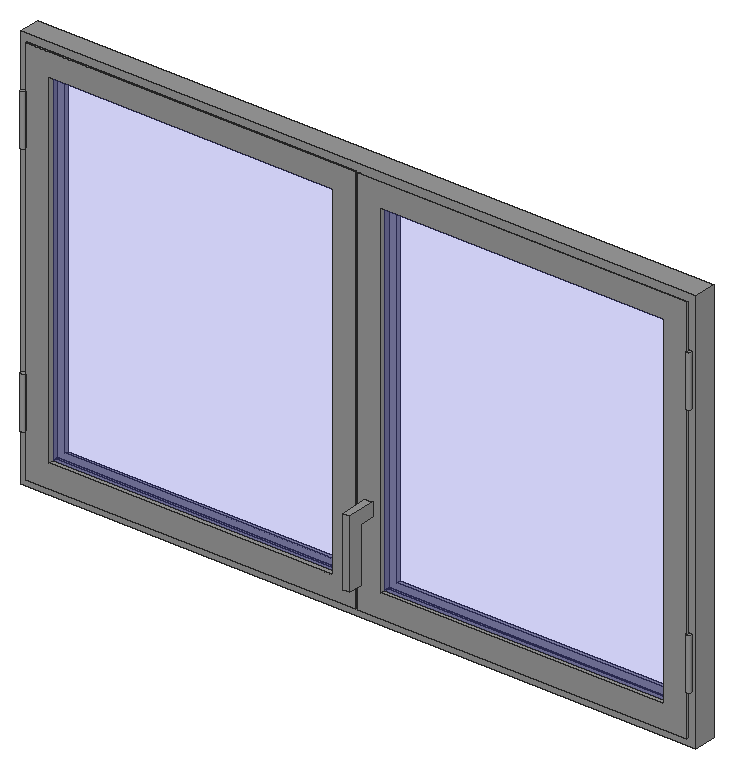
Revit family "2015_Ventana_Alugom_ALG 65 Optima_2-Hojas_Practicables", category Windows, host Wall, Revit 2015
Parameters (values of type "2000 mm x 1200 mm")
  𝑙𝑔 P2 = (Height / 1 mm - (AnchoMarco / 1 mm * 2)) * 2  # 2043.6
  𝑙𝑔 P1 = ((Height / 1 mm - (AnchoMarco / 1 mm * 2)) + (Width / 1 mm - (AnchoMarco / 1 mm * 2 + AnchoMarcoCentral / 1 mm))) * 2  # 5403.2
  𝑈𝑤 = a / Area * 1.00 mm²  # 1.5877
  𝑈𝑔 V2 = 1
  𝑈𝑔 V1 = 1
  𝑈𝑓 P2 = 3.039
  𝑈𝑓 P1 = 2.42
  𝐴𝑔 V2 = (Height / 1 mm - (AnchoMarco / 1 mm * 2)) * ((Width / 1 mm - (AnchoMarco / 1 mm * 2 + AnchoMarcoCentral / 1 mm)) / 2)  # 858209.82
  𝐴𝑔 V1 = (Height / 1 mm - (AnchoMarco / 1 mm * 2)) * ((Width / 1 mm - (AnchoMarco / 1 mm * 2 + AnchoMarcoCentral / 1 mm)) / 2)  # 858209.82
  𝐴𝑓 P2 = (Height / 1 mm - (AnchoMarco / 1 mm * 2)) * (AnchoMarcoCentral / 1 mm)  # 145095.6
  𝐴𝑓 P1 = (((Height / 1 mm + Width / 1 mm) * AnchoMarco / 1 mm) * 2) - (AnchoMarco / 1 mm * AnchoMarco / 1 mm * 4)  # 538484.76
  a = (((1000000 * (((𝐴𝑓 P1 * 𝑈𝑓 P1) + (𝐴𝑓 P2 * 𝑈𝑓 P2)) / (𝐴𝑓 P1 + 𝐴𝑓 P2))) * (10 * (𝐴𝑓 P1 + 𝐴𝑓 P2))) / 10000000) + ((𝐴𝑔 V1 + 𝐴𝑔 V2) * (1 * ((𝐴𝑔 V1 * 𝑈𝑔 V1) + (𝐴𝑔 V2 * 𝑈𝑔 V2)) / (𝐴𝑔 V1 + 𝐴𝑔 V2))) + (((1000.00 mm² * (𝑙𝑔 P1 + 𝑙𝑔 P2)) * ((Y𝑔 P1 * 𝑙𝑔 P1) + (Y𝑔 P2 * 𝑙𝑔 P2)) / (𝑙𝑔 P1 + 𝑙𝑔 P2)) / 10.00 mm²)  # 3810497.8876
  Y𝑔 P2 = 0.47  # constant formula
  Y𝑔 P1 = 0.47  # constant formula
  VidaUtilEsperada = ""
  VersionElementoBIM = "1.0"  # constant formula
  UnidadMedicion = ""
  UnidadMantenimiento = ""
  Unidad = ""
  Uniclass2.0Titulo = "\"Door and window systems\""
  Uniclass2.0Codigo = "\"25-30\""
  URLProducto = "http://www.alugom.com/Catalogo/tabid/336/ProdID/47/Language/es-ES/CatID/2/ventana_practicable_de_camara_europea_de_65_mm_con_RPT.aspx"
  URL Poliamida - Catálogo = "http://www.technoform.com/fileadmin/Technoform_Bautec/standardprofiles.html"
  URL Poliamida = "http://www.technoform.es/"
  URL = "http://www.alugom.com/es-es/inicio.aspx"
  UNSPSCTitulo = "Windows"  # constant formula
  UNSPSCCodigo = "30171600"  # constant formula
  Type Comments = "Sistema de Ventana de 2 Hojas Rotura de Puente Térmico ALG65 Óptima Practicable."
  TransmitanciaTermica = 0.0000 W/(m²·K)
  TrabajoMantenimiento = ""
  TipoEmbalajeProteccion = ""
  TiempoMedioEntreFallos = ""
  TelefonoContacto = "34 91 616 47 27"  # constant formula
  SalidaEmergencia = yes
  ResistenciaFuego = ""
  ResistenciaAlViento = ""
  ResiduosPeligrososPorUnidad = 0
  ResiduosPeligrosos = 0
  ResiduosNoPeligrososPorUnidad = 0
  ResiduosNoPeligrosos = 0
  ResiduoRadioactivoPorUnidad = 0
  ResiduoRadioactivo = 0
  ResiduoInertePorUnidad = 0
  ResiduoInerte = 0
  RepisaInterior = no
  RepisaExterior = no
  ReferenciaUnidadFuncional = ""
  ReferenciaLote = ""
  ReferenciaContacto = "Alugom"  # constant formula
  Referencia = ""
  PuntoDeContacto = ""
  Proyección Apertura = yes
  Practicable = yes
  Poliamida = Poliamida, Technoform Bautec, PA66 GF 25
  PermeabilidadAlAire = ""
  PeriodoGarantia = ""
  Perimetro = (Width / 1 mm * 2) + (Height / 1 mm * 2)  # 6400
  Operation = "Practicable"
  OmniclassTitulo = "Casment Window"  # constant formula
  OmniclassCodigo = "23.30.20.17.21.21"  # constant formula
  NumeroSerie = ""
  NumeroArticuloGlobalComercial = ""
  NumeroArticulo = ""
  NormativaMantenimiento = ""
  NivelSeguridad = ""
  Motorizada = no
  Model = "ALG65 Óptima Practicable"
  MaterialEnvase = ""
  MaterialContenedor = ""
  MateriaPrima = 0
  MasterformatTitulo = "Aluminium Windows"  # constant formula
  MasterformatCodigo = "08 51 13"  # constant formula
  MasaSuperficialKgm2 = 0
  Marco = Aluminio
  Manufacturer = "Grupo Alugom"  # constant formula
  Manija = yes
  LugarEnsamblaje = ""
  InstruccionesEspeciales = ""
  InformacionTecnica = "http://www.alugom.com/Catalogo/tabid/336/ProdID/47/Language/es-ES/CatID/2/ventana_practicable_de_camara_europea_de_65_mm_con_RPT.aspx"
  IndiceGlobalRedAcusticaTr = ""
  IndiceGlobalRedAcustica = ""
  IdentificadorGarantia = ""
  IFCClasificacion = ""
  GrosorMarco = 72 mm
  GrosorAcristalamiento = 39 mm
  GarantiaExtendida = ""
  FrecuenciaMantenimiento = ""
  FraccionAreaAcristalamiento = 0.00%
  FormacionFotoquimicaOzonoPorUnidad = 0
  FormacionFotoquimicaOzono = 0
  FechaVencimientoElementoBIM = "02/09/2017"  # constant formula
  FechaInstalacion = ""
  FechaInicioGarantia = ""
  FechaFinGarantia = ""
  FechaEvaluacion = ""
  FechaEmisionElementoBIM = "02/09/2016"  # constant formula
  FechaCompra = ""
  FaseCicloVida = ""
  FaltaDeRecursosPorUnidad = 0
  FaltaDeRecursos = 0
  FactorSombra = 0
  FactorSolarModificado = 0
  Exclusiones = ""
  EutrofizacionPorUnidad = 0
  Eutrofizacion = 0
  EtiquetaModelo = ""
  EstanqueidadAgua = ""
  Estado = ""
  EnergiaRenovableConsumidaPorUnidad = 0
  EnergiaRenovableConsumida = 0
  EnergiaPrimariaTotalConsumidaPorUnidad = 0
  EnergiaPrimariaTotalConsumida = 0
  EnergiaNoRenovableConsumidaPorUnidad = 0
  EnergiaNoRenovableConsumida = 0
  EmisionCO2 = 0
  EmailContacto = "alugom@alugom.com"  # constant formula
  DuracionVidaUtil = ""
  Detalle Perfileria = yes
  DestruccionCapaOzonoEstratosfericaPorUnidad = 0
  DestruccionCapaOzonoEstratosferica = 0
  DesfaseInterior = 0 mm
  DesfaseExterior = 0 mm
  Description = "Ventana Practicable"
  DescripcionEvaluacion = ""
  CosteMantenimiento = 0
  CosteEnergeticoMj = 0 J
  CosteEnergeticoKwh = 0
  ControlHumos = yes
  ContenidoGarantia = ""
  ConfiguracionPoliamidas = "350300 - 464700 - 464600 - 479900"  # constant formula
  CondicionesMantenimiento = ""
  CondicionesGeneralesDeContratacion = ""
  CondicionesEvaluacion = ""
  CodigoBedec = ""
  CodigoBarras = ""
  CertificadoMantenimiento = ""
  CerramientoExterior = yes
  CambioClimaticoPorUnidad = 0
  CambioClimatico = 0
  COBieCategoria = ""
  Aperturas [instance] = yes
  Anchura Real = if(Width > Anchura Máxima, Anchura Máxima, Width)  # 2000 mm
  Anchura Máxima = 3400 mm
  AnchoMarcoCentral = 142 mm  # constant formula
  AnchoMarco = 89.1 mm  # constant formula
  Altura Real = if(Height > Altura Máxima, Altura Máxima, Height)  # 1200 mm
  Altura Máxima = 2500 mm
  Height = 1200 mm
  Bimetica = "http://www.bimetica.com"
  AñoProduccion = ""
  Autor = "Bimetica Parametric Design Services, S.L."  # constant formula
  Area = Altura Real * Anchura Real  # 2400000.00 mm²
  Altura de antepecho por defecto = 800 mm
  Wall Closure = By host
  Width = 2000 mm
  AguaConsumidaPorUnidad = 0
  AguaConsumida = 0
  Acristalamiento = Vidrio
  AcidificacionAtmosfericaPorUnidad = 0
  AcidificacionAtmosferica = 0
  Acabado = ""
Reference planes
  plane 1 "Centro (Frontal/Posterior)": y = -28
  plane 2 "Centro (Izquierda/Derecha)": x = 0
  plane 3 "Izquierda": x = -1000
  plane 4 "Derecha": x = 1000
  plane 5 "Antepecho": z = 800
  plane 6 "Extremo inicial": z = 2000
  plane 7 "Interior": y = -100
  plane 8 "ASDAS": y = -100
  plane 9 "Altura Manija": z = 1100
Forms (mm)
  Sweep 1, solid, material "Aluminio" <- "Marco"
    path origin (0, -100, 0) x (1, 0, 0) y (0, 0, 1)
      loop
        line (-1000, 800) -> (1000, 800) -> (1000, 2000) -> (-1000, 2000) -> (-1000, 800)
    profile origin (-1000, -100, 1400) x (-1, 0, 0) y (0, -1, 0)
      loop
        line (0, -6.995) -> (-27.008, -6.995) -> (-27.008, -68.056) -> (-48.961, -68.056) -> (-48.961, -72) -> (0, -72) -> (0, -6.995)
  Sweep 2, solid, material "Aluminio" <- "Marco"
    path origin (0, -100, 0) x (1, 0, 0) y (0, 0, 1)
      loop
        line (-18, 800) -> (1000, 800) -> (1000, 2000) -> (-18, 2000) -> (-18, 800)
    profile origin (-18, -100, 1400) x (-1, 0, 0) y (0, -1, 0)
      loop
        line (-20.979, 0) -> (-89.021, 0) -> (-89.021, -14.457) -> (-73.5, -14.457) -> (-66.994, -17.772) -> (-66.994, -20.775) -> (-65.04, -20.775) -> (-65.04, -61.037) -> (-89.057, -61.037) -> (-89.057, -72.007) -> (-55.008, -72.007) -> (-55.008, -67.007) -> (-45.628, -67.007) -> (-45.628, -28.464) -> (-38.502, -28.464) -> (-38.502, -3.464) -> (-20.979, -3.464) -> (-20.979, 0)
  Extrusion 3, solid, material "Vidrio" <- "Acristalamiento"
    sketch origin (0, 0, 800) x (0, -1, 0) y (1, 0, 0)
      loop
        line (44.2, 54.124) -> (83.2, 54.124) -> (83.2, 928) -> (44.2, 928) -> (44.2, 54.124)
      loop
        line (44.2, -54.124) -> (44.2, -928) -> (83.2, -928) -> (83.2, -54.124) -> (44.2, -54.124)
    from 72 to 1128
  Extrusion 4, solid, material "Aluminio" <- "Marco", detail levels fine
    sketch origin (0, 0, 800) x (0, -1, 0) y (1, 0, 0)
      loop
        line (94.875, 989.299) -> (93, 985.91) -> (93, 978.91) -> (101, 978.91)
        arc (101, 978.91) -> (107.03, 989.465) -> (94.875, 989.299) r 7
      loop
        arc (94.875, -989.299) -> (107.03, -989.465) -> (101, -978.91) r 7
        line (101, -978.91) -> (93, -978.91) -> (93, -985.91) -> (94.875, -989.299)
    from 150 to 300
  Extrusion 5, solid, material "Aluminio" <- "Marco", detail levels fine
    sketch origin (0, 0, 800) x (0, -1, 0) y (1, 0, 0)
      loop
        arc (101, 978.91) -> (107.03, 989.465) -> (94.875, 989.299) r 7
        line (94.875, 989.299) -> (93, 985.91) -> (93, 978.91) -> (101, 978.91)
      loop
        line (101, -978.91) -> (93, -978.91) -> (93, -985.91) -> (94.875, -989.299)
        arc (94.875, -989.299) -> (107.03, -989.465) -> (101, -978.91) r 7
    from 900 to 1050
  Sweep 6, solid, material "Aluminio" <- "Marco"
    path origin (0, -100, 0) x (1, 0, 0) y (0, 0, 1)
      loop
        line (-54, 871) -> (-54, 1929) -> (-928, 1929) -> (-928, 871) -> (-54, 871)
    profile origin (-54, -100, 1400) x (-1, 0, 0) y (0, -1, 0)
      loop
        line (-51.021, 0) -> (-51.021, -3.464) -> (-33.498, -3.464) -> (-33.498, -28.464) -> (-26.372, -28.464) -> (-26.372, -67.007) -> (-16.992, -67.007) -> (-16.992, -72.007) -> (17.057, -72.007) -> (17.057, -61.037) -> (-6.96, -61.037) -> (-6.96, -20.775) -> (-5.006, -20.775) -> (-5.006, -17.772) -> (1.5, -14.457) -> (17.021, -14.457) -> (17.021, 0) -> (-51.021, 0)
  Extrusion 7, solid, material "Aluminio" <- "Marco"
    sketch origin (0, 0, 800) x (0, -1, 0) y (1, 0, 0)
      loop
        line (32.993, -30.999) -> (32.993, -27.628) -> (41.6, -27.628) -> (41.6, -15.502) -> (66.277, -15.502) -> (66.277, -20.502) -> (96.277, -20.502) -> (96.277, -2.999) -> (92.997, -2.999) -> (92.997, 8.93) -> (89.497, 8.93) -> (89.497, -2.549) -> (75.278, -2.549) -> (75.278, 9.067) -> (39.815, 9.067) -> (39.815, 1.42) -> (31.905, 1.42) -> (31.905, 30.994) -> (28, 30.994) -> (28, -30.999) -> (32.993, -30.999)
    from 27.008 to 1172.992
  Extrusion 8, solid, material "Aluminio" <- "Marco", visible <- "Manija", detail levels fine
    sketch origin (-1000, 0, 0) x (0, -1, 0) y (0, 0, 1)
      loop
        line (100, 1121.882) -> (100, 1081.882) -> (144.9, 1081.882) -> (144.9, 920) -> (184.9, 920) -> (184.9, 1121.882) -> (100, 1121.882)
    from -1048.419 to -1027.053
Lines and regions (mm)
  Opening 1
    outline origin (3500, -100, 0) x (1, 0, 0) y (0, 0, 1)
      loop
        line (-2500, 800) -> (-2500, 2000) -> (-4500, 2000) -> (-4500, 800) -> (-2500, 800)
  symbolic lines, style "WindowsGlassProjection", detail levels fine
    curve 1: line (54.124, -49.2, 0) -> (928, -49.2, 0)
    curve 2: line (54.124, -78.2, 0) -> (928, -78.2, 0)
    curve 3: line (928, -61.2, 0) -> (54.124, -61.2, 0)
    curve 4: line (928, -66.2, 0) -> (54.124, -66.2, 0)
    curve 6: line (-1000, -49.2, 872) -> (-1000, -49.2, 1928)
    curve 7: line (-1000, -78.2, 872) -> (-1000, -78.2, 1928)
    curve 8: line (-1000, -66.2, 1928) -> (-1000, -66.2, 872)
    curve 9: line (-1000, -61.2, 1928) -> (-1000, -61.2, 872)
    curve 14: line (-928, -49.2, 0) -> (-54.124, -49.2, 0)
    curve 15: line (-928, -78.2, 0) -> (-54.124, -78.2, 0)
    curve 16: line (-54.124, -61.2, 0) -> (-928, -61.2, 0)
    curve 17: line (-54.124, -66.2, 0) -> (-928, -66.2, 0)
  reference lines
    curve 5: line (0, -100, 800) -> (0, -28, 800)
  symbolic lines, style "Batiente de alzado", visible <- "Aperturas"
    curve 10: line (1000, 521.549, 2000) -> (0, 521.549, 1400)
    curve 11: line (1000, 521.549, 800) -> (0, 521.549, 1400)
    curve 12: line (-1000, 521.549, 2000) -> (0, 521.549, 1400)
    curve 13: line (-1000, 521.549, 800) -> (0, 521.549, 1400)
Text (mm)
  text "EXTERIOR" at (-1963.203, 1332.353, 0), in view "Nivel de referencia"
  text "INTERIOR" at (-1981.466, -818.386, 0), in view "Nivel de referencia"
  text "Exterior" at (0, 923.751, 2943.296), in view "Derecha"
  text "Exterior" at (0, 1040.484, 2685.409), in view "Izquierda"
Dimensions and locks
  equal spacing: plane 3 "Izquierda", plane 2 "Centro (Izquierda/Derecha)", plane 4 "Derecha"
  "Anchura Real": plane 3 "Izquierda" to plane 4 "Derecha"
  "Height": plane 5 "Antepecho" to plane 6 "Extremo inicial"
  "Altura de antepecho por defecto": plane 5 "Antepecho" to level
  "DesfaseInterior": plane 8 "ASDAS" to plane 7 "Interior"
  "DesfaseExterior": host wall to plane 7 "Interior"
  plane 9 "Altura Manija" to level = 1100 mm
  "GrosorMarco": plane 8 "ASDAS" to plane 1 "Centro (Frontal/Posterior)"
  profile plane to Sweep 1 sketch curve to Sweep 1 sketch curve to Sweep 1 sketch curve = 6.995 mm locked, 61.061 mm locked, 3.944 mm locked
  profile plane to Sweep 1 sketch curve to Sweep 1 sketch curve = 27.008 mm locked, 21.952 mm locked
  profile plane to Sweep 2 sketch curve to Sweep 2 sketch curve to Sweep 2 sketch curve to Sweep 2 sketch curve to Sweep 2 sketch curve to Sweep 2 sketch curve to Sweep 2 sketch curve = 3.464 mm locked, 10.992 mm locked, 3.315 mm locked, 3.003 mm locked, 7.69 mm locked, 32.573 mm locked, 5.97 mm locked
  profile plane to Sweep 2 sketch curve to Sweep 2 sketch curve to Sweep 2 sketch curve to Sweep 2 sketch curve to Sweep 2 sketch curve to Sweep 2 sketch curve to Sweep 2 sketch curve to Sweep 2 sketch curve to Sweep 2 sketch curve = 20.979 mm locked, 17.523 mm locked, 7.126 mm locked, 9.379 mm locked, 10.032 mm locked, 1.954 mm locked, 6.506 mm locked, 15.521 mm locked, 0.036 mm locked
  "GrosorAcristalamiento": Extrusion 3 sketch curve to Extrusion 3 sketch curve  (x2)
  locked: Extrusion 3 sketch curve to plane 1 "Centro (Frontal/Posterior)" at 16.2  (x2)
  locked: Extrusion 3 sketch curve to plane 4 "Derecha" at 72
  Extrusion 3 to curve 1 to curve 3 to curve 4 to curve 2 = 5 mm locked, 12 mm locked, 5 mm locked, 12 mm locked
  locked: nested 3 to plane 1 "Centro (Frontal/Posterior)" at 72
  locked: plane 5 "Antepecho" to Extrusion 3 at 72
  locked: Extrusion 3 to plane 6 "Extremo inicial" at 72
  locked: nested 4 to plane 1 "Centro (Frontal/Posterior)" at 72
  Extrusion 4 to Extrusion 4 to plane 5 "Antepecho" = 150 mm locked, 150 mm locked
  plane 6 "Extremo inicial" to Extrusion 5 to Extrusion 5 = 150 mm locked, 150 mm locked
  Extrusion 3 to curve 6 to curve 9 to curve 8 to curve 7 = 5 mm locked, 12 mm locked, 5 mm locked, 12 mm locked
  plane 3 "Izquierda" to plane 4 "Derecha" = 2000 mm
  locked: Sweep 2 sketch curve to plane 2 "Centro (Izquierda/Derecha)" at 18
  locked: plane 2 "Centro (Izquierda/Derecha)" to Extrusion 3 sketch curve at 54.124
  locked: Extrusion 3 sketch curve to plane 2 "Centro (Izquierda/Derecha)" at 54.124
  locked: plane 3 "Izquierda" to Extrusion 3 sketch curve at 72
  locked: Sweep 6 sketch curve to plane 2 "Centro (Izquierda/Derecha)" at 54
  Sweep 6 sketch curve to Sweep 6 sketch curve to Sweep 6 sketch curve to Sweep 6 sketch curve to Sweep 6 sketch curve to Sweep 6 sketch curve to plane 2 "Centro (Izquierda/Derecha)" = 0.036 mm locked, 34.013 mm locked, 9.379 mm locked, 7.126 mm locked, 17.523 mm locked, 2.979 mm locked
  Sweep 6 sketch curve to Sweep 6 sketch curve to Sweep 6 sketch curve to plane 2 "Centro (Izquierda/Derecha)" = 6.506 mm locked, 1.954 mm locked, 47.04 mm locked
  locked: plane 3 "Izquierda" to Sweep 6 sketch curve at 72
  locked: Sweep 6 sketch curve to plane 5 "Antepecho" at 71
  locked: plane 6 "Extremo inicial" to Sweep 6 sketch curve at 71
  Extrusion 7 sketch curve to plane 2 "Centro (Izquierda/Derecha)" to Extrusion 7 sketch curve to Extrusion 7 sketch curve to Extrusion 7 sketch curve to Extrusion 7 sketch curve = 2.999 mm locked, 1.42 mm locked, 7.509 mm locked, 0.137 mm locked, 21.927 mm locked
  Extrusion 7 sketch curve to Extrusion 7 sketch curve to Extrusion 7 sketch curve to Extrusion 7 sketch curve to plane 2 "Centro (Izquierda/Derecha)" = 3.371 mm locked, 7.126 mm locked, 5 mm locked, 15.502 mm locked
  equal spacing: plane 6 "Extremo inicial", curve 11, plane 5 "Antepecho"
  plane 2 "Centro (Izquierda/Derecha)" to Extrusion 8 to Extrusion 8 = 27.053 mm locked, 21.366 mm locked
  plane 3 "Izquierda" to Extrusion 4 sketch curve to Extrusion 4 sketch curve to Extrusion 4 sketch curve = 10.701 mm locked, 3.389 mm locked, 7 mm locked
  Extrusion 4 sketch curve to Extrusion 4 sketch curve to Extrusion 4 sketch curve to Extrusion 4 sketch curve to plane 4 "Derecha" = 7 mm locked, 0 mm locked, 3.389 mm locked, 10.701 mm locked
  Extrusion 4 sketch curve to Extrusion 4 sketch curve to plane 8 "ASDAS" to Extrusion 4 sketch curve = 0 mm locked, 1 mm locked, 7 mm locked
  Extrusion 4 sketch curve to plane 8 "ASDAS" to Extrusion 4 sketch curve to Extrusion 4 sketch curve = 1 mm locked, 5.125 mm locked, 1.875 mm locked
  Extrusion 5 sketch curve to Extrusion 5 sketch curve to plane 8 "ASDAS" to Extrusion 5 sketch curve to Extrusion 5 sketch curve = 0 mm locked, 1 mm locked, 5.125 mm locked, 1.875 mm locked
  plane 3 "Izquierda" to Extrusion 5 sketch curve to Extrusion 5 sketch curve to Extrusion 5 sketch curve = 10.701 mm locked, 3.389 mm locked, 0 mm locked
  Extrusion 5 sketch curve to Extrusion 5 sketch curve to Extrusion 5 sketch curve to Extrusion 5 sketch curve to plane 4 "Derecha" = 7 mm locked, 0 mm locked, 3.389 mm locked, 10.701 mm locked
  Extrusion 5 sketch curve to plane 8 "ASDAS" to Extrusion 5 sketch curve = 1 mm locked, 7 mm locked
  locked: Extrusion 5 sketch curve to plane 8 "ASDAS" at 1
  Extrusion 3 to curve 14 to curve 16 to curve 17 to curve 15 = 5 mm locked, 12 mm locked, 5 mm locked, 12 mm locked
  aligned and locked: plane 8 "ASDAS" to nested 1
  aligned and locked: nested 1 to plane 3 "Izquierda"
  aligned and locked: nested 2 to plane 4 "Derecha"
  aligned and locked: nested 2 to plane 8 "ASDAS"
  aligned and locked: plane 5 "Antepecho" to Sweep 1 sketch curve
  aligned and locked: plane 3 "Izquierda" to Sweep 1 sketch curve
  aligned and locked: Sweep 1 sketch curve to plane 6 "Extremo inicial"
  aligned and locked: Sweep 1 sketch curve to plane 4 "Derecha"
  aligned and locked: profile plane to Sweep 1 sketch curve
  aligned and locked: Sweep 2 sketch curve to plane 5 "Antepecho"
  aligned and locked: plane 6 "Extremo inicial" to Sweep 2 sketch curve
  aligned and locked: plane 4 "Derecha" to Sweep 2 sketch curve
  aligned and locked: Sweep 2 sketch curve to profile plane
  aligned and locked: Extrusion 3 to curve 1
  aligned and locked: Extrusion 3 to curve 2
  aligned and locked: Extrusion 3 to curve 3
  aligned and locked: Extrusion 3 to curve 4
  aligned and locked: nested 3 to plane 5 "Antepecho"
  aligned and locked: nested 4 to plane 6 "Extremo inicial"
  aligned and locked: curve 5 to plane 2 "Centro (Izquierda/Derecha)"
  aligned and locked: plane 1 "Centro (Frontal/Posterior)" to curve 5
  aligned and locked: plane 8 "ASDAS" to curve 5
  aligned and locked: Extrusion 3 to curve 6  (x2)
  aligned and locked: Extrusion 3 to curve 7  (x2)
  aligned and locked: Extrusion 3 to curve 8  (x2)
  aligned and locked: Extrusion 3 to curve 9  (x2)
  aligned and locked: plane 6 "Extremo inicial" to curve 10
  aligned and locked: plane 4 "Derecha" to curve 10
  aligned and locked: plane 4 "Derecha" to curve 11
  aligned and locked: nested 5 to plane 2 "Centro (Izquierda/Derecha)"
  aligned and locked: plane 8 "ASDAS" to nested 5
  aligned and locked: Extrusion 7 to Sweep 1  (x2)
  aligned and locked: plane 3 "Izquierda" to curve 12
  aligned and locked: plane 6 "Extremo inicial" to curve 12
  aligned and locked: plane 5 "Antepecho" to curve 13
  aligned and locked: plane 3 "Izquierda" to curve 13
  aligned and locked: plane 2 "Centro (Izquierda/Derecha)" to curve 13
  aligned and locked: Sweep 6 to Extrusion 8 sketch curve
  aligned and locked: Extrusion 3 to curve 14  (x2)
  aligned and locked: Extrusion 3 to curve 16  (x2)
  aligned and locked: Extrusion 3 to curve 17  (x2)
  aligned and locked: Extrusion 3 to curve 15  (x2)
Automatic sketch dimensions
  Sweep 2 sketch curve to Sweep 2 sketch curve = 10.97 mm
  plane 8 "ASDAS" to Sweep 6 sketch curve = 0 mm
  Sweep 6 sketch curve to plane 8 "ASDAS" = 3.464 mm
  Sweep 6 sketch curve to plane 8 "ASDAS" = 61.037 mm
  Sweep 6 sketch curve to Sweep 6 sketch curve = 5.97 mm
  Sweep 6 sketch curve to Sweep 6 sketch curve = 5 mm
  Sweep 6 sketch curve to Sweep 6 sketch curve = 25 mm
  Sweep 6 sketch curve to plane 8 "ASDAS" = 20.775 mm
  Sweep 6 sketch curve to Sweep 6 sketch curve = 3.003 mm
  Sweep 6 sketch curve to Sweep 6 sketch curve = 3.315 mm
  plane 3 "Izquierda" to Opening 1 sketch curve = 0 mm
  plane 4 "Derecha" to Opening 1 sketch curve = 0 mm
  Opening 1 sketch curve to plane 5 "Antepecho" = 0 mm
  Opening 1 sketch curve to plane 6 "Extremo inicial" = 0 mm
  curve 2 to plane 2 "Centro (Izquierda/Derecha)" = 54.124 mm
  curve 3 to curve 2 = 0 mm
  curve 1 to curve 3 = 0 mm
  curve 4 to curve 3 = 0 mm
  Extrusion 4 sketch curve to Extrusion 4 sketch curve = 3.389 mm
  curve 11 to plane 5 "Antepecho" = 0 mm
  plane 1 "Centro (Frontal/Posterior)" to Extrusion 7 sketch curve = 0 mm
  plane 1 "Centro (Frontal/Posterior)" to Extrusion 7 sketch curve = 3.905 mm
  plane 1 "Centro (Frontal/Posterior)" to Extrusion 7 sketch curve = 4.993 mm
  Extrusion 7 sketch curve to Extrusion 7 sketch curve = 7.909 mm
  Extrusion 7 sketch curve to Extrusion 7 sketch curve = 8.607 mm
  Extrusion 7 sketch curve to Extrusion 7 sketch curve = 24.677 mm
  Extrusion 7 sketch curve to plane 8 "ASDAS" = 24.722 mm
  plane 2 "Centro (Izquierda/Derecha)" to Extrusion 7 sketch curve = 2.549 mm
  Extrusion 7 sketch curve to plane 8 "ASDAS" = 10.503 mm
  Extrusion 7 sketch curve to Extrusion 7 sketch curve = 3.5 mm
  Extrusion 7 sketch curve to Extrusion 7 sketch curve = 3.28 mm
  host wall to Extrusion 8 sketch curve = 44.9 mm
  Extrusion 8 sketch curve to plane 9 "Altura Manija" = 21.882 mm
  Extrusion 8 sketch curve to Extrusion 8 sketch curve = 40 mm
  plane 9 "Altura Manija" to Extrusion 8 sketch curve = 18.118 mm
  Extrusion 8 sketch curve to plane 5 "Antepecho" = 120 mm
Nested families
  nested 1: "ALG 65 Optima_Detalle-Carpintería-Marco y Hoja Practicable" at (-1000, -100, 0), visible <- "Detalle Perfileria", type "Marco y Hoja Practicable", detail levels medium+fine
  nested 2: "ALG 65 Optima_Detalle-Carpintería-Marco y Hoja Practicable" at (1000, -100, 0) x (-1, 0, 0) z (0, 0, 1), visible <- "Detalle Perfileria", type "Marco y Hoja Practicable", detail levels medium+fine
  nested 3: "ALG 65 Optima_Detalle-Carpintería-Marco y Hoja Practicable" at (1000, -100, 800) x (0, 0, 1) z (-1, 0, 0), visible <- "Detalle Perfileria", type "Marco y Hoja Practicable", detail levels medium+fine
  nested 4: "ALG 65 Optima_Detalle-Carpintería-Marco y Hoja Practicable" at (1000, -100, 2000) x (0, 0, -1) z (-1, 0, 0), visible <- "Detalle Perfileria", type "Marco y Hoja Practicable", detail levels medium+fine
  nested 5: "ALG 65 Optima_Detalle-Carpintería-Montante Central 2H Practicables" at (0, -100, 0), visible <- "Detalle Perfileria", type "Montante Central y Hoja Practicable", detail levels medium+fine
Definition of nested family "ALG 65 Optima_Detalle-Carpintería-Marco y Hoja Practicable"
  Parameters (values of type "Marco y Hoja Practicable")
    URL = "http://www.alugom.com/"
    Model = "ALG 65 Optima"  # constant formula
    Marco y Hoja Practicable = yes
    FechaVencimientoElementoBIM = "01/01/2017"  # constant formula
    FechaEmisionElementoBIM = "02/09/2016"  # constant formula
    Manufacturer = "Grupo Alugom"  # constant formula
    Description = "Detalle carpintería ALG 65 Optima_Marco y Hoja Practicable"
    Bimetica = "http://www.bimetica.com"
    Autor = "Bimetica Parametric Design Services, S.L."  # constant formula
  Reference planes
    plane 1 "Centro (Frontal/Posterior)": y = 0
    plane 2: z = 0
    plane 3 "Centro (Izquierda/Derecha)": x = 0
  Lines and regions (mm)
    Masking region 1, in view "Nivel de referencia", visible <- "Marco y Hoja Practicable"
      outline origin (0, 0, 0) x (1, 0, 0) y (0, 1, 0)
        loop
          line (0, 7) -> (21.061, 7) -> (21.061, 1)
          arc (21.061, 1) -> (21.354, 0.293) -> (22.061, 0) r 1
          line (22.061, 0) -> (88.521, 0)
          arc (88.521, 0) -> (88.875, 0.146) -> (89.021, 0.5) r 0.5
          line (89.021, 0.5) -> (89.021, 14.457) -> (73.671, 14.457) -> (66.994, 17.859) -> (66.994, 20.775) -> (64.979, 20.775) -> (64.979, 60.99) -> (88.982, 60.99) -> (88.982, 71.972) -> (54.998, 71.972) -> (54.998, 66.972) -> (49.001, 66.972) -> (49.001, 71.472)
          arc (49.001, 71.472) -> (48.855, 71.826) -> (48.501, 71.972) r 0.5
          line (48.501, 71.972) -> (0, 71.972) -> (0, 7)
  Dimensions and locks
    locked: plane 1 "Centro (Frontal/Posterior)" to Masking region 1 sketch curve at 7
    aligned and locked: plane 3 "Centro (Izquierda/Derecha)" to import instance
    aligned and locked: plane 1 "Centro (Frontal/Posterior)" to import instance
Definition of nested family "ALG 65 Optima_Detalle-Carpintería-Montante Central 2H Practicables"
  Parameters (values of type "Montante Central y Hoja Practicable")
    URL = "http://www.alugom.com/es-es/inicio.aspx"
    Model = "ALG 65 Optima"  # constant formula
    Marco y Hoja Practicable = yes
    FechaVencimientoElementoBIM = "01/01/2017"  # constant formula
    FechaEmisionElementoBIM = "02/09/2016"  # constant formula
    Manufacturer = "Grupo Alugom"  # constant formula
    Description = "Detalle carpintería ALG 65 Optima_Marco y Hoja Practicable"
    Bimetica = "http://www.bimetica.com"
    Autor = "Bimetica Parametric Design Services, S.L."  # constant formula
  Reference planes
    plane 1 "Centro (Frontal/Posterior)": y = 0
    plane 2: z = 0
    plane 3 "Centro (Izquierda/Derecha)": x = 0
  Lines and regions (mm)
    Masking region 1, in view "Nivel de referencia", visible <- "Marco y Hoja Practicable"
      outline origin (0, 0, 0) x (1, 0, 0) y (0, 1, 0)
        loop
          line (-2.979, 7) -> (-2.979, 1)
          arc (-2.979, 1) -> (-3.271, 0.294) -> (-3.977, 0) r 1
          line (-3.977, 0) -> (-70.501, 0)
          arc (-70.501, 0) -> (-70.856, 0.146) -> (-71.003, 0.5) r 0.5
          line (-71.003, 0.5) -> (-71.003, 14.555) -> (-55.451, 14.555) -> (-49.003, 17.7) -> (-49.003, 20.798) -> (-47.124, 20.798) -> (-47.124, 61) -> (-71.003, 61) -> (-71.003, 72) -> (-37.124, 72) -> (-37.124, 67) -> (-30.999, 67) -> (-30.999, 71.5)
          arc (-30.999, 71.5) -> (-30.853, 71.854) -> (-30.499, 72) r 0.5
          line (-30.499, 72) -> (30.499, 72)
          arc (30.499, 72) -> (30.853, 71.854) -> (30.999, 71.5) r 0.5
          line (30.999, 71.5) -> (30.999, 67) -> (37.124, 67) -> (37.124, 72) -> (71.003, 72) -> (71.003, 61) -> (47.124, 61) -> (47.124, 20.798) -> (49.003, 20.798) -> (49.003, 17.7) -> (55.451, 14.555) -> (71.003, 14.555) -> (71.003, 0.5)
          arc (71.003, 0.5) -> (70.856, 0.146) -> (70.501, 0) r 0.5
          line (70.501, 0) -> (3.977, 0)
          arc (3.977, 0) -> (3.271, 0.294) -> (2.979, 1) r 1
          line (2.979, 1) -> (2.979, 7) -> (-0.663, 7) -> (-2.844, 7)
